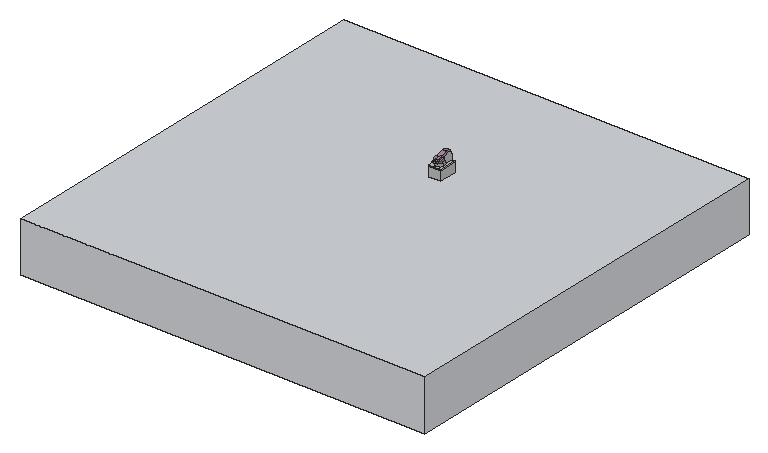
Revit family "LEGRAND_NON INTERLOCKED SOCKETS_SURFACE MOUNTED_IP44_20", category Installations électriques, Revit 2018
Family settings
  Hôte = Face
  Conserver l'orientation des annotations = Non
  Cote de connecteur circulaire = Utiliser le diamètre
  Type d'élément = Normal
  Couper avec des vides une fois chargée = Non
  Partagée = Non
  Point de calcul de pièce = Non
Parameters (values of type "panel mounting socket Hypra   IP44   ELV 16 A   20/25 V   2P   plast surface mounting")
  width mm = 74 mm
  vertical fixing distance mm = 60 mm
  resistance to chocks IK = "09"
  protection class IP = "IP44"
  material of box = "plastic"
  intensity A = 16 A
  horizontal fixing distance mm = 52 mm
  height mm = 106 mm
  halogen free = yes
  h1 = 0.6 * height mm  # 63.6 mm
  depth mm = 110 mm
  depth for flush mounting mm = 58 mm
  connecting type = "screw terminals"
  characteristic color = "purple"
  Tension V = "20 25 V  50/60 Hz purple"
  Standard IEC or NFC = "IEC"
  Ray = Dia bouchon / 2  # 24.05 mm
  RAY BOUCHON = Dia bouchon / 2  # 24.05 mm
  Position of earth h = 0
  Number of poles = 2
  Modèle = "052401"
  Minimum use temperature = "-50°C"
  Minimum installation temperature = "-20°C"
  Maximum use temperature = "100°C"
  Maximum installation temperature = "40°C"
  General Conditions of Use = "https://export.legrand.com/en/terms-of-use-BIM-objects"
  Flush E or Surface mounting S = "flush and surface mounting"
  Fabricant = "Legrand"  # constant formula
  Elévation par défaut = 1000 mm
  Dia bouchon = 0.65 * width mm  # 48.1 mm
  Description = "international standard socket for flush or surface mounting with accessory allows the connection of power devices"
Types (4, lengths in mm): name | intensity A | depth mm | Number of poles | Modèle
  (no name) | 32 A | 110 | 2 | "052501"
  panel mounting socket Hypra   IP44   ELV 16 A   20/25 V   2P   plast surface mounting | 16 A | 110 | 2 | "052401"
  panel mounting socket Hypra   IP44   ELV 16 A   20/25 V   3P   plast surface mounting | 16 A | 97 | 3 | "052402"
  panel mounting socket Hypra   IP44   ELV 32 A   20/25 V   2P   plast surface mounting | 32 A | 110 | 2 | "052501"
Reference planes
  plane 1 "Centre (avant/arrière)": y = 0
  plane 2: z = 0
  plane 3 "Centre (gauche/droite)": x = 0
  plane 4: z = 0
  plane 5: z = 110
  plane 6: x = -37
  plane 7: x = 37
  plane 8: y = 63.6
  plane 9: y = -42.4
  plane 10: z = 58
  plane 11: z = 63.5
  plane 12: x = -16
  plane 13: x = 16
  plane 14: x = 11
  plane 15: x = -11
  plane 16: z = 90
  plane 17: y = 43.6
  plane 18: y = 32.6
  plane 19: z = 100
Forms (mm)
  Extrusion 1, solid
    sketch origin (-66.799, -339.2, 0) x (1, 0, 0) y (0, 1, 0)
      loop
        line (-1219.2, 1219.2) -> (-1219.2, -1219.2) -> (1219.2, -1219.2) -> (1219.2, 1219.2) -> (-1219.2, 1219.2)
    from 0 to -304.8
  Extrusion 2, solid, material "Legrand - Plastique gris"
    sketch origin (0, -15.933, 101.774) x (1, 0, 0) y (0, 0.939693, 0.34202)
      loop
        circle (0, 0) r 24.05
    from -12.32 to -99.553
  Extrusion 3, solid, material "Legrand - Plastique gris"
    sketch origin (0, -1506.027, 58) x (0, -1, 0) y (1, 0, 0)
      loop
        line (-1569.627, -37) -> (-1463.627, -37) -> (-1463.627, 37) -> (-1569.627, 37) -> (-1569.627, -37)
    from 0 to 5.5
  Revolve 4, solid, material "Legrand - Plastique Violet"
    sketch origin (0, 0, 58) x (0, -0.34202, 0.939693) y (0, -0.939693, -0.34202)
      loop
        arc (46.584, 0) -> (45.167, 12.42) -> (40.585, 24.05) r 47.913
        line (40.585, 24.05) -> (34.264, 24.05) -> (34.264, 0) -> (46.584, 0)
      axis (34.264, 0) -> (46.584, 0)
    angle from 0 to 360
  Extrusion 5, solid, material "Legrand - Plastique gris"
    sketch origin (0, 0, 0) x (0, 1, 0) y (0, 0, 1)
      loop
        line (-11.719, 90.198) -> (-2.002, 63.5) -> (63.6, 63.5) -> (63.6, 91.342)
        arc (63.6, 91.342) -> (58.468, 104.409) -> (46.232, 111.29) r 20.922
        line (46.232, 111.29) -> (-11.719, 90.198)
    from -16 to 16
  Extrusion 6, solid, material "Legrand - Plastique gris"
    sketch origin (0, 0, 0) x (0, 1, 0) y (0, 0, 1)
      loop
        line (63.6, 58) -> (-42.4, 58) -> (-42.4, 0) -> (63.6, 0) -> (63.6, 58)
    from -37 to 37
  Extrusion 7, solid, material "Legrand - Plastique Violet"
    sketch origin (0, 0, 0) x (0, 1, 0) y (0, 0, 1)
      loop
        line (32.6, 119.439) -> (-46.341, 90.707) -> (-34.319, 81.972) -> (0, 94.463) -> (0, 63.5) -> (62.1, 63.5) -> (62.1, 100)
        arc (62.1, 100) -> (52.237, 117.135) -> (32.6, 119.439) r 22.008
    from -11 to 11
  Extrusion 8, solid, material "Legrand - Plastique Violet"
    sketch origin (0, -34.319, 81.972) x (0, -0.809017, 0.587785) y (1, 0, 0)
      loop
        line (0, 11) -> (0, -11) -> (14.9, -11)
        arc (14.9, -11) -> (25.9, 0) -> (14.9, 11) r 11
        line (14.9, 11) -> (0, 11)
    from 0 to 5.558
Cuts and joins
  joined: Extrusion 2, Extrusion 3, Extrusion 5
  joined: Extrusion 7, Extrusion 8
Lines and regions (mm)
  reference lines
    curve 1: line (0, 0, 58) -> (0, -15.933, 101.774)
    curve 2: line (0, -15.933, 101.774) -> (0, -38.532, 93.549)
    curve 3: line (0, -15.933, 101.774) -> (0, 6.667, 110)
    curve 4: line (0, 0, 58) -> (0, 18.116, 8.226)
    curve 5: line (0, 18.116, 8.226) -> (0, 40.716, 16.451)
    curve 6: line (0, 18.116, 8.226) -> (0, -4.483, 0)
    curve 7: line (0, -11.719, 90.198) -> (0, -34.319, 81.972)
    curve 8: line (0, -11.719, 90.198) -> (0, 10.881, 98.423)
    curve 9: line (0, -34.319, 81.972) -> (0, -54.544, 96.667)
Dimensions and locks
  "depth mm": plane 5 to plane 4
  "height mm": plane 8 to plane 9
  equal spacing: plane 6, plane 3 "Centre (gauche/droite)", plane 7
  "width mm": plane 6 to plane 7
  "depth for flush mounting mm": plane 10 to plane 4
  equal spacing: curve 2, curve 1, curve 3
  "Dia bouchon": curve 3 to curve 2
  equal spacing: curve 5, curve 4, curve 6
  "Dia bouchon": curve 5 to curve 6
  equal spacing: curve 8, curve 1, curve 7
  "Dia bouchon": curve 7 to curve 8
  curve 8 to curve 3 = 12.32 mm
  "h1": plane 8 to plane 1 "Centre (avant/arrière)"
  locked: plane 11 to plane 10 at 5.5
  plane 12 to plane 3 "Centre (gauche/droite)" to plane 13 = 16 mm, 16 mm
  locked: Revolve 4 sketch curve to curve 2 at 5.998
  locked: plane 14 to plane 13 at 5
  locked: plane 12 to plane 15 at 5
  locked: Extrusion 7 sketch curve to plane 8 at 1.5
  "RAY BOUCHON": Revolve 4 sketch curve to Revolve 4 sketch curve
  locked: plane 17 to plane 8 at 20
  locked: plane 16 to plane 5 at 20
  locked: plane 18 to plane 8 at 31
  locked: plane 5 to plane 19 at 10
  locked: Extrusion 8 sketch curve to Extrusion 8 sketch curve at 14.9
  "Ray": radius of Extrusion 2 sketch curve
  locked: plane 1 "Centre (avant/arrière)" to curve 1 (angle 20.00°)
  locked: curve 3 to curve 1 (angle 90.00°)
  locked: curve 1 to curve 2 (angle 90.00°)
  locked: curve 4 to plane 1 "Centre (avant/arrière)" (angle 20.00°)
  locked: curve 4 to curve 5 (angle 90.00°)
  locked: curve 6 to curve 4 (angle 90.00°)
  locked: curve 7 to curve 1 (angle 90.00°)
  locked: curve 1 to curve 8 (angle 90.00°)
  locked: plane 9 to curve 9 (angle 54.00°)
  aligned and locked: plane 2 to Extrusion 1
  aligned and locked: level to Extrusion 1
  aligned and locked: plane 10 to curve 1
  aligned and locked: plane 1 "Centre (avant/arrière)" to curve 1
  aligned and locked: plane 5 to curve 3
  aligned and locked: plane 4 to curve 6
  aligned and locked: Extrusion 2 to curve 4
  aligned and locked: Extrusion 3 to plane 10
  aligned and locked: curve 7 to curve 8
  aligned and locked: plane 11 to Extrusion 5 sketch curve
  aligned and locked: curve 8 to Extrusion 5 sketch curve
  aligned and locked: Extrusion 6 to plane 6
  aligned and locked: plane 7 to Extrusion 6
  aligned and locked: plane 2 to plane 4
  aligned and locked: Extrusion 2 to curve 7
  aligned and locked: Extrusion 5 to curve 1
  aligned and locked: Revolve 4 sketch curve to curve 7
  aligned and locked: Extrusion 5 sketch curve to plane 8
  aligned and locked: Extrusion 7 sketch curve to curve 2
  aligned and locked: Extrusion 7 sketch curve to curve 7
  aligned and locked: cut or joined group of Extrusion 2, Extrusion 3, Extrusion 5 to Extrusion 7 sketch curve  (x2)
  aligned and locked: Extrusion 7 to plane 15
  aligned and locked: Extrusion 7 to plane 14
  aligned and locked: plane 18 to Extrusion 7 sketch curve
  aligned and locked: plane 19 to Extrusion 7 sketch curve
  aligned and locked: Extrusion 8 to curve 9  (x2)
  aligned and locked: Extrusion 8 to Extrusion 7 sketch curve
Automatic sketch dimensions
  Extrusion 1 sketch curve to Extrusion 1 sketch curve = 2438.4 mm  (x2)
  Extrusion 3 sketch curve to plane 7 = 0 mm
  Extrusion 3 sketch curve to plane 8 = 0 mm
  Extrusion 3 sketch curve to plane 6 = 0 mm
  Extrusion 3 sketch curve to plane 9 = 0 mm
  Extrusion 6 sketch curve to plane 9 = 0 mm
  Extrusion 6 sketch curve to level = 0 mm
  Extrusion 6 sketch curve to plane 8 = 0 mm
  Extrusion 6 sketch curve to plane 10 = 0 mm
  plane 17 to Extrusion 5 sketch curve = 2.632 mm
  Extrusion 5 sketch curve to plane 16 = 1.342 mm
  plane 1 "Centre (avant/arrière)" to Extrusion 5 sketch curve = 2.002 mm
  Extrusion 5 sketch curve to plane 16 = 0.671 mm
  Extrusion 8 sketch curve to curve 9 = 0 mm
  Extrusion 8 sketch curve to curve 9 = 11 mm
  Extrusion 8 sketch curve to curve 9 = 10.1 mm
  Extrusion 8 sketch curve to Extrusion 8 sketch curve = 0 mm
  Extrusion 7 sketch curve to plane 1 "Centre (avant/arrière)" = 0 mm
  Extrusion 2 sketch curve to plane 3 "Centre (gauche/droite)" = 0 mm
  Revolve 4 sketch curve to curve 1 = 0 mm  (x5)
  Revolve 4 sketch curve to curve 1 = 0.825 mm
Connectors
  electrical at (0, 10.6, 58)
    settings: on cut or joined group of Extrusion 2, Extrusion 3, Extrusion 5, index 1, voltage 0 V, apparent load 0 VA, apparent load phase1 0 VA, apparent load phase2 0 VA, apparent load phase3 0 VA, power factor 1, load classification "Autre", number of poles 1, system type 31, power factor state 1, is connector primary yes, connector utility no, sub classification motor no, connector description ""
